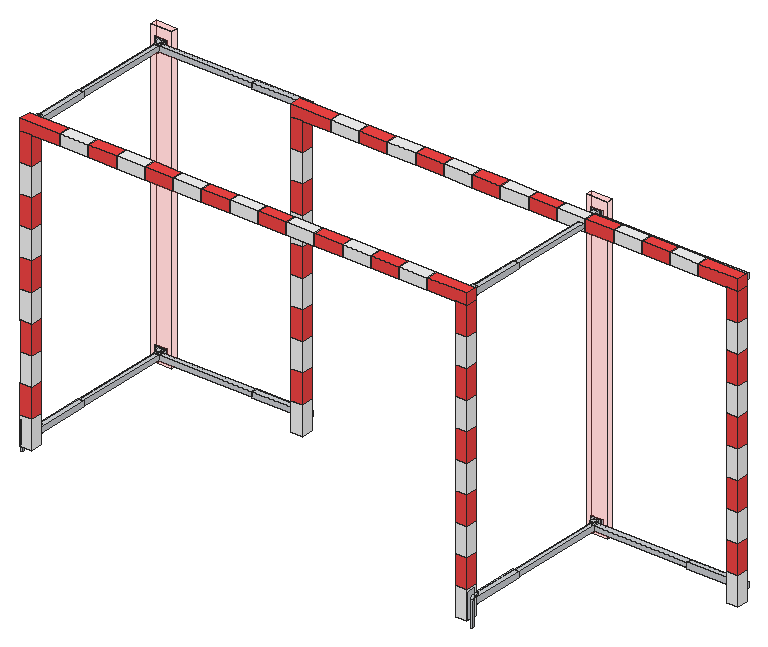
Revit family "Handbollsmål vikbart", category Generic Models, Revit 2019
Family settings
  Can host rebar = No
  Round Connector Dimension = Use Diameter
  Part Type = Normal
  Work Plane-Based = No
  Always vertical = Yes
  Cut with Voids When Loaded = No
  Shared = No
  Room Calculation Point = No
Parameters
  vkr_langd = -Distance_analysis + 500 mm  # -700 mm
  URL = "www.saxi.se"
  Model = "Saxi Handbollsmål vikbart"
  Manufacturer = "Saxi Vägg AB"
  Distance_from_wall = 1200 mm
  Distance_analysis = if(Distance_from_wall > 1700 mm, 1700 mm, if(Distance_from_wall < 800 mm, 800 mm, Distance_from_wall))  # 1200 mm
Reference planes
  plane 1 "Center (Front/Back)": y = 0
  plane 2: z = 0
  plane 3 "Center (Left/Right)": x = 0
  plane 4 "wall": y = 1200
Forms (mm)
  Extrusion 1, solid, material "bärande_röd"
    sketch origin (0, 0, 0) x (1, 0, 0) y (0, 1, 0)
      loop
        line (-1615.807, 1200) -> (-1465.807, 1200) -> (-1465.807, 1250) -> (-1615.807, 1250) -> (-1615.807, 1200)
    from 0 to 2139.989
  Extrusion 2, solid, material "bärande_röd"
    sketch origin (0, 0, 0) x (-1, 0, 0) y (0, -1, 0)
      loop
        line (-1615.807, -1200) -> (-1615.807, -1250) -> (-1465.807, -1250) -> (-1465.807, -1200) -> (-1615.807, -1200)
    from 0 to 2139.989
Dimensions and locks
  nested 1 to plane 3 "Center (Left/Right)" = 1580 mm
  plane 3 "Center (Left/Right)" to nested 1 = 1580 mm
  "Distance_analysis": plane 1 "Center (Front/Back)" to plane 4 "wall"
  locked: Extrusion 1 sketch curve to Extrusion 1 sketch curve at 50
  locked: Extrusion 1 sketch curve to Extrusion 1 sketch curve at 150
  locked: Extrusion 2 sketch curve to Extrusion 2 sketch curve at 50
  locked: Extrusion 2 sketch curve to Extrusion 2 sketch curve at 150
  locked: plane 4 "wall" to nested 13 at 5
  locked: plane 4 "wall" to nested 12 at 5
  locked: nested 14 to plane 4 "wall" at 5
  locked: nested 15 to plane 4 "wall" at 5
  locked: plane 4 "wall" to nested 24 at 59.77
  locked: Extrusion 1 to nested 23 at 10.637
  locked: Extrusion 1 to nested 22 at 10.637
  locked: nested 21 to plane 4 "wall" at 10.637
  locked: nested 20 to plane 4 "wall" at 10.637
  locked: nested 23 to nested 11 at 2.25
  locked: nested 23 to nested 24 at 28.336
  locked: nested 21 to nested 24 at 28
  aligned and locked: level to plane 2
  aligned and locked: nested 16 to plane 4 "wall"
  aligned and locked: nested 17 to plane 4 "wall"
  aligned and locked: plane 4 "wall" to nested 18
  aligned and locked: plane 4 "wall" to nested 19
  aligned and locked: nested 22 to nested 23
  aligned and locked: nested 20 to nested 21
  aligned and locked: nested 9 to nested 8
Automatic sketch dimensions
  Extrusion 1 sketch curve to plane 4 "wall" = 0 mm
  Extrusion 1 sketch curve to plane 3 "Center (Left/Right)" = 1615.807 mm
  Extrusion 2 sketch curve to plane 4 "wall" = 0 mm
  Extrusion 2 sketch curve to plane 3 "Center (Left/Right)" = 1615.807 mm
Nested families
  nested 1: "Handbollsmål fram" at (0, 80, 0), type "Handbollsmål fram"
  nested 2: "golvhake" at (-1592.186, 32, 146.213) x (0, 1, 0) z (0, 0, 1), type "golvhake"
  nested 3: "golvhake" at (1592.186, 32, 146.213) x (0, 1, 0) z (0, 0, 1), type "golvhake"
  nested 4: "inf_pigg" at (1508.375, 118, 61.25) x (0, 1, 0) z (0, 0, 1), type "inf_pigg"
  nested 5: "inf_pigg" at (1508.375, 118, 2018.635) x (0, 1, 0) z (0, 0, 1), type "inf_pigg"
  nested 6: "inf_pigg" at (-1508.375, 118, 2018.635) x (0, 1, 0) z (0, 0, 1), type "inf_pigg"
  nested 7: "inf_pigg" at (-1571, 118, 61.25) x (0, 1, 0) z (0, 0, 1), type "inf_pigg"
  nested 8: "vkr" at (1520, 485, 55), type "vkr"
    with längd_35 -700 mm
  nested 9: "vkr" at (1520, 485, 2013.75), type "vkr"
    with längd_35 -700 mm
  nested 10: "vkr" at (-1520, 485, 55) x (-1, 0, 0) z (0, 0, 1), type "vkr"
    with längd_35 -700 mm
  nested 11: "vkr" at (-1520, 485, 2013.75) x (-1, 0, 0) z (0, 0, 1), type "vkr"
    with längd_35 -700 mm
  nested 12: "inf_pigg" at (-1508.375, 1157, 2018.635) x (0, -1, 0) z (0, 0, 1), type "inf_pigg"
  nested 13: "inf_pigg" at (-1571, 1157, 61.25) x (0, -1, 0) z (0, 0, 1), type "inf_pigg"
  nested 14: "inf_pigg" at (1508.375, 1157, 2018.635) x (0, -1, 0) z (0, 0, 1), type "inf_pigg"
  nested 15: "inf_pigg" at (1571, 1157, 61.25) x (0, -1, 0) z (0, 0, 1), type "inf_pigg"
  nested 16: "inf_vagg" at (-1580.807, 1200, 36.25), type "inf_vagg"
  nested 17: "inf_vagg" at (-1580.807, 1200, 1993.635), type "inf_vagg"
  nested 18: "inf_vagg" at (1580.807, 1200, 36.25) x (-1, 0, 0) z (0, 0, 1), type "inf_vagg"
  nested 19: "inf_vagg" at (1580.807, 1200, 1993.635) x (-1, 0, 0) z (0, 0, 1), type "inf_vagg"
  nested 20: "vkr" at (2220.665, 1149.363, 55) x (0, 1, 0) z (0, 0, 1), type "vkr"
    with längd_35 -700 mm
  nested 21: "vkr" at (2220.665, 1149.363, 2013.75) x (0, 1, 0) z (0, 0, 1), type "vkr"
    with längd_35 -700 mm
  nested 22: "vkr" at (-859.672, 1149.363, 55) x (0, 1, 0) z (0, 0, 1), type "vkr"
    with längd_35 -700 mm
  nested 23: "vkr" at (-859.672, 1149.363, 2013.75) x (0, 1, 0) z (0, 0, 1), type "vkr"
    with längd_35 -700 mm
  nested 24: "Handbollsmål fram" at (1068.665, 1140.23, 0), type "Handbollsmål fram"
Definition of nested family "Handbollsmål fram"
  Reference planes
    plane 1 "Center (Front/Back)": y = 0
    plane 2: z = 0
    plane 3 "Center (Left/Right)": x = 0
  Forms (mm)
    Extrusion 1, solid
      sketch origin (0, 0, 0) x (1, 0, 0) y (0, 0, 1)
        loop
          line (-1580, 0) -> (-1500, 0) -> (-1500, 200) -> (-1580, 200) -> (-1580, 0)
      from 0 to 80
    Extrusion 2, solid
      sketch origin (0, 0, 400) x (1, 0, 0) y (0, 0, 1)
        loop
          line (-1580, 0) -> (-1500, 0) -> (-1500, 200) -> (-1580, 200) -> (-1580, 0)
      from 0 to 80
    Extrusion 3, solid
      sketch origin (0, 0, 800) x (1, 0, 0) y (0, 0, 1)
        loop
          line (-1580, 0) -> (-1500, 0) -> (-1500, 200) -> (-1580, 200) -> (-1580, 0)
      from 0 to 80
    Extrusion 4, solid
      sketch origin (0, 0, 1200) x (1, 0, 0) y (0, 0, 1)
        loop
          line (-1580, 0) -> (-1500, 0) -> (-1500, 200) -> (-1580, 200) -> (-1580, 0)
      from 0 to 80
    Extrusion 5, solid
      sketch origin (0, 0, 1600) x (1, 0, 0) y (0, 0, 1)
        loop
          line (-1580, 0) -> (-1500, 0) -> (-1500, 200) -> (-1580, 200) -> (-1580, 0)
      from 0 to 80
    Extrusion 6, solid
      sketch origin (0, 0, 0) x (1, 0, 0) y (0, 0, 1)
        loop
          line (-1580, 200) -> (-1500, 200) -> (-1500, 400) -> (-1580, 400) -> (-1580, 200)
      from 0 to 80
    Extrusion 7, solid
      sketch origin (0, 0, 400) x (1, 0, 0) y (0, 0, 1)
        loop
          line (-1580, 200) -> (-1500, 200) -> (-1500, 400) -> (-1580, 400) -> (-1580, 200)
      from 0 to 80
    Extrusion 8, solid
      sketch origin (0, 0, 800) x (1, 0, 0) y (0, 0, 1)
        loop
          line (-1580, 200) -> (-1500, 200) -> (-1500, 400) -> (-1580, 400) -> (-1580, 200)
      from 0 to 80
    Extrusion 9, solid
      sketch origin (0, 0, 1200) x (1, 0, 0) y (0, 0, 1)
        loop
          line (-1580, 200) -> (-1500, 200) -> (-1500, 400) -> (-1580, 400) -> (-1580, 200)
      from 0 to 80
    Extrusion 10, solid
      sketch origin (0, 0, 1600) x (1, 0, 0) y (0, 0, 1)
        loop
          line (-1580, 200) -> (-1500, 200) -> (-1500, 400) -> (-1580, 400) -> (-1580, 200)
      from 0 to 80
    Extrusion 11, solid
      sketch origin (0, 0, 0) x (1, 0, 0) y (0, 0, 1)
        loop
          line (100, 2080) -> (-100, 2080) -> (-100, 2000) -> (100, 2000) -> (100, 2080)
      from 0 to 80
    Extrusion 12, solid
      sketch origin (-400, 0, 0) x (1, 0, 0) y (0, 0, 1)
        loop
          line (100, 2080) -> (-100, 2080) -> (-100, 2000) -> (100, 2000) -> (100, 2080)
      from 0 to 80
    Extrusion 13, solid
      sketch origin (-800, 0, 0) x (1, 0, 0) y (0, 0, 1)
        loop
          line (100, 2080) -> (-100, 2080) -> (-100, 2000) -> (100, 2000) -> (100, 2080)
      from 0 to 80
    Extrusion 14, solid
      sketch origin (-1200, 0, 0) x (1, 0, 0) y (0, 0, 1)
        loop
          line (100, 2080) -> (-100, 2080) -> (-100, 2000) -> (100, 2000) -> (100, 2080)
      from 0 to 80
    Extrusion 15, solid
      sketch origin (400, 0, 0) x (-1, 0, 0) y (0, 0, -1)
        loop
          line (100, -2080) -> (100, -2000) -> (-100, -2000) -> (-100, -2080) -> (100, -2080)
      from 0 to 80
    Extrusion 16, solid
      sketch origin (800, 0, 0) x (-1, 0, 0) y (0, 0, 1)
        loop
          line (100, 2080) -> (-100, 2080) -> (-100, 2000) -> (100, 2000) -> (100, 2080)
      from -80 to 0
    Extrusion 17, solid
      sketch origin (1200, 0, 0) x (-1, 0, 0) y (0, 0, 1)
        loop
          line (100, 2080) -> (-100, 2080) -> (-100, 2000) -> (100, 2000) -> (100, 2080)
      from -80 to 0
    Extrusion 18, solid
      sketch origin (0, 0, 0) x (-1, 0, 0) y (0, 0, 1)
        loop
          line (-1580, 0) -> (-1500, 0) -> (-1500, 200) -> (-1580, 200) -> (-1580, 0)
      from -80 to 0
    Extrusion 19, solid
      sketch origin (0, 0, 400) x (-1, 0, 0) y (0, 0, 1)
        loop
          line (-1580, 0) -> (-1500, 0) -> (-1500, 200) -> (-1580, 200) -> (-1580, 0)
      from -80 to 0
    Extrusion 20, solid
      sketch origin (0, 0, 800) x (-1, 0, 0) y (0, 0, 1)
        loop
          line (-1580, 0) -> (-1500, 0) -> (-1500, 200) -> (-1580, 200) -> (-1580, 0)
      from -80 to 0
    Extrusion 21, solid
      sketch origin (0, 0, 1200) x (-1, 0, 0) y (0, 0, 1)
        loop
          line (-1580, 0) -> (-1500, 0) -> (-1500, 200) -> (-1580, 200) -> (-1580, 0)
      from -80 to 0
    Extrusion 22, solid
      sketch origin (0, 0, 1600) x (-1, 0, 0) y (0, 0, -1)
        loop
          line (-1580, 0) -> (-1580, -200) -> (-1500, -200) -> (-1500, 0) -> (-1580, 0)
      from 0 to 80
    Extrusion 23, solid
      sketch origin (0, 0, 0) x (-1, 0, 0) y (0, 0, 1)
        loop
          line (-1580, 200) -> (-1500, 200) -> (-1500, 400) -> (-1580, 400) -> (-1580, 200)
      from -80 to 0
    Extrusion 24, solid
      sketch origin (0, 0, 400) x (-1, 0, 0) y (0, 0, 1)
        loop
          line (-1580, 200) -> (-1500, 200) -> (-1500, 400) -> (-1580, 400) -> (-1580, 200)
      from -80 to 0
    Extrusion 25, solid
      sketch origin (0, 0, 800) x (-1, 0, 0) y (0, 0, 1)
        loop
          line (-1580, 200) -> (-1500, 200) -> (-1500, 400) -> (-1580, 400) -> (-1580, 200)
      from -80 to 0
    Extrusion 26, solid
      sketch origin (0, 0, 1200) x (-1, 0, 0) y (0, 0, 1)
        loop
          line (-1580, 200) -> (-1500, 200) -> (-1500, 400) -> (-1580, 400) -> (-1580, 200)
      from -80 to 0
    Extrusion 27, solid
      sketch origin (0, 0, 1600) x (-1, 0, 0) y (0, 0, -1)
        loop
          line (-1580, -200) -> (-1580, -400) -> (-1500, -400) -> (-1500, -200) -> (-1580, -200)
      from 0 to 80
    Extrusion 28, solid
      sketch origin (0, 0, 0) x (1, 0, 0) y (0, 0, 1)
        loop
          line (-100, 2080) -> (-300, 2080) -> (-300, 2000) -> (-100, 2000) -> (-100, 2080)
      from 0 to 80
    Extrusion 29, solid
      sketch origin (-400, 0, 0) x (1, 0, 0) y (0, 0, 1)
        loop
          line (-100, 2080) -> (-300, 2080) -> (-300, 2000) -> (-100, 2000) -> (-100, 2080)
      from 0 to 80
    Extrusion 30, solid
      sketch origin (-800, 0, 0) x (1, 0, 0) y (0, 0, 1)
        loop
          line (-100, 2080) -> (-300, 2080) -> (-300, 2000) -> (-100, 2000) -> (-100, 2080)
      from 0 to 80
    Extrusion 31, solid
      sketch origin (-1200, 0, 0) x (1, 0, 0) y (0, 0, 1)
        loop
          line (-100, 2080) -> (-380, 2080) -> (-380, 2000) -> (-100, 2000) -> (-100, 2080)
      from 0 to 80
    Extrusion 32, solid
      sketch origin (0, 0, 0) x (-1, 0, 0) y (0, 0, 1)
        loop
          line (-100, 2080) -> (-300, 2080) -> (-300, 2000) -> (-100, 2000) -> (-100, 2080)
      from -80 to 0
    Extrusion 33, solid
      sketch origin (400, 0, 0) x (-1, 0, 0) y (0, 0, 1)
        loop
          line (-100, 2080) -> (-300, 2080) -> (-300, 2000) -> (-100, 2000) -> (-100, 2080)
      from -80 to 0
    Extrusion 34, solid
      sketch origin (800, 0, 0) x (-1, 0, 0) y (0, 0, 1)
        loop
          line (-100, 2080) -> (-300, 2080) -> (-300, 2000) -> (-100, 2000) -> (-100, 2080)
      from -80 to 0
    Extrusion 35, solid
      sketch origin (1200, 0, 0) x (-1, 0, 0) y (0, 0, -1)
        loop
          line (-100, -2080) -> (-100, -2000) -> (-380, -2000) -> (-380, -2080) -> (-100, -2080)
      from 0 to 80
  Dimensions and locks
    locked: Extrusion 11 sketch curve to Extrusion 11 sketch curve at 200
    plane 3 "Center (Left/Right)" to Extrusion 11 sketch curve = 100 mm
    Extrusion 11 sketch curve to level = 2080 mm
    locked: Extrusion 11 sketch curve to Extrusion 11 sketch curve at 80
    locked: Extrusion 12 sketch curve to Extrusion 12 sketch curve at 200
    locked: Extrusion 12 sketch curve to Extrusion 12 sketch curve at 80
    locked: Extrusion 13 sketch curve to Extrusion 13 sketch curve at 200
    locked: Extrusion 13 sketch curve to Extrusion 13 sketch curve at 80
    locked: Extrusion 14 sketch curve to Extrusion 14 sketch curve at 200
    locked: Extrusion 14 sketch curve to Extrusion 14 sketch curve at 80
    locked: Extrusion 15 sketch curve to Extrusion 15 sketch curve at 200
    locked: Extrusion 15 sketch curve to Extrusion 15 sketch curve at 80
    locked: Extrusion 16 sketch curve to Extrusion 16 sketch curve at 200
    locked: Extrusion 16 sketch curve to Extrusion 16 sketch curve at 80
    locked: Extrusion 17 sketch curve to Extrusion 17 sketch curve at 200
    locked: Extrusion 17 sketch curve to Extrusion 17 sketch curve at 80
    aligned and locked: level to plane 2
Definition of nested family "golvhake"
  Reference planes
    plane 1 "Center (Front/Back)": y = 0
    plane 2: z = 0
    plane 3 "Center (Left/Right)": x = 0
  Forms (mm)
    Sweep 1, solid
      path origin (0, 0, 0) x (1, 0, 0) y (0, 0, 1)
        loop
          line (0, -193) -> (0, -13)
          arc (0, -13) -> (3.808, -3.808) -> (13, 0) r 13
          line (13, 0) -> (42, 0)
      profile origin (27.5, 0, 0) x (0, 0, 1) y (0, -1, 0)
        loop
          circle (0, 0) r 6.5
    Extrusion 2, solid
      sketch origin (0, 2.5, 0) x (1, 0, 0) y (0, 1, 0)
        loop
          line (-25, 6.686) -> (25, 6.686) -> (25, 9.686) -> (-25, 9.686) -> (-25, 6.686)
      from -141.213 to 38.787
    Extrusion 3, void
      sketch origin (-7.862, 9.186, 0) x (-1, 0, 0) y (0, 0, 1)
        loop
          circle (10.535, 30.714) r 3.578
        loop
          circle (-26.213, 30.714) r 3.578
        loop
          circle (10.535, -134.286) r 3.578
        loop
          circle (-26.213, -134.286) r 3.578
      from 0 to 180
  Cuts and joins
    Extrusion 3 cuts Extrusion 2
  Dimensions and locks
    locked: Extrusion 2 sketch curve to Extrusion 2 sketch curve at 50
    locked: Extrusion 2 sketch curve to Extrusion 2 sketch curve at 3
    Extrusion 2 sketch curve to plane 3 "Center (Left/Right)" = 25 mm
    locked: Extrusion 2 to Sweep 1 at 51.787
    Extrusion 2 to Extrusion 2 = 180 mm
    aligned and locked: level to plane 2
Definition of nested family "inf_pigg"
  Reference planes
    plane 1 "Center (Front/Back)": y = 0
    plane 2: z = 0
    plane 3 "Center (Left/Right)": x = 0
  Forms (mm)
    Extrusion 1, solid
      sketch origin (0, -46.5, -16.5) x (1, 0, 0) y (0, 0, -1)
        loop
          line (0, 0) -> (-38, 0) -> (-38, -63) -> (0, -63) -> (0, -59) -> (-35, -59) -> (-35, -4) -> (0, -4) -> (0, 0)
      from 0 to 30
  Dimensions and locks
    aligned and locked: level to plane 2
Definition of nested family "vkr"
  Parameters (values of type "vkr")
    längd_35 = -400 mm
  Reference planes
    plane 1 "Center (Front/Back)": y = 0
    plane 2: z = 0
    plane 3 "Center (Left/Right)": x = 0
  Forms (mm)
    Extrusion 1, solid
      sketch origin (0, 0, 0) x (1, 0, 0) y (0, 0, 1)
        loop
          line (0, 0) -> (40, 0) -> (40, 40) -> (0, 40) -> (0, 0)
        loop
          line (2, 38) -> (2, 2) -> (38, 2) -> (38, 38) -> (2, 38)
      from 0 to 400
    Extrusion 2, solid
      sketch origin (0, 0, 0) x (1, 0, 0) y (0, 0, 1)
        loop
          line (2.422, 37.531) -> (2.422, 2.531) -> (37.422, 2.531) -> (37.422, 37.531) -> (2.422, 37.531)
        loop
          line (4.422, 4.531) -> (35.422, 4.531) -> (35.422, 35.531) -> (4.422, 35.531) -> (4.422, 4.531)
      from -400 <- "längd_35" to 0
  Dimensions and locks
    locked: Extrusion 2 sketch curve to Extrusion 2 sketch curve at 35  (x2)
    aligned and locked: level to plane 2
Definition of nested family "inf_vagg"
  Reference planes
    plane 1 "Center (Front/Back)": y = 0
    plane 2: z = 0
    plane 3 "Center (Left/Right)": x = 0
  Forms (mm)
    Extrusion 1, solid
      sketch origin (0, 0, 0) x (1, 0, 0) y (0, 0, 1)
        loop
          line (0, 0) -> (80, 0) -> (80, 80) -> (0, 80) -> (0, 0)
        loop
          circle (7.976, 71.218) r 4
        loop
          circle (72.551, 71.218) r 4
        loop
          circle (7.976, 8.435) r 4
        loop
          circle (72.551, 8.435) r 4
      from 0 to 5
  Dimensions and locks
    aligned and locked: level to plane 2
